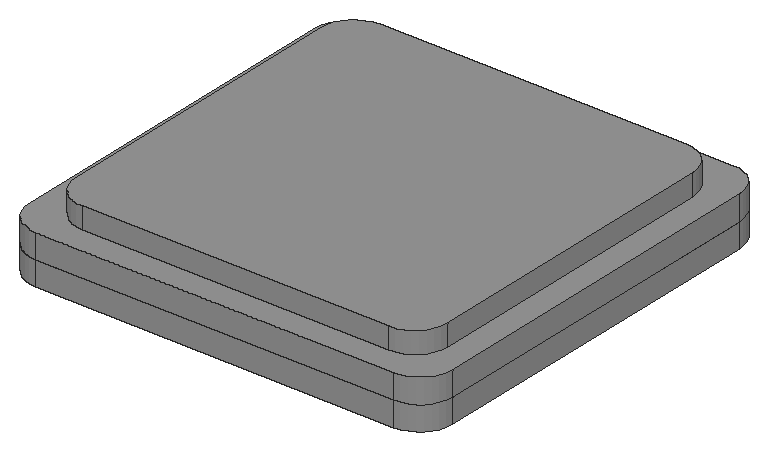
Revit family "FMS2_63_UN_Surface-mounted_ETK", category Lighting Fixtures, Revit 2019 (continued)
Definition of nested family "FMS.2 - Lightsource"
  Types (14, lengths in mm): name | Wattage Comments | Wattage | built-in parameter 1150134 | Photometric Web File | built-in parameter 1150142 | built-in parameter 1150105 | Lumens | built-in parameter 1150107 | built-in parameter 1150106 | Apparent Load
      \r\n786.4776\t781.0398\t775.602\t770.1642\t764.7264\t759.2886\t753.8508\t748.6992\t743.2614\t737.8236\r\n732.3858\t726.0894\t719.793\t713.2104\t706.914\t700.3314\t693.7488\t687.4524\t680.8698\t674.5734\r\n667.9908\t661.6944\t655.1118\t648.5292\t642.2328\t635.6502\t629.0676\t622.7712\t616.1886\t609.8922\r\n603.3096\t596.1546\t588.9996\t581.5584\t574.4034\t566.9622\t559.8072\t552.366\t545.211\t537.7698\r\n530.6148\t523.1736\t516.0186\t508.8636\t501.4224\t494.2674\t486.8262\t479.6712\t472.23\t465.075\r\n457.92\t450.1926\t442.4652\t434.7378\t427.0104\t419.283\t411.5556\t403.8282\t396.1008\t388.3734\r\n380.646\t372.9186\t365.1912\t357.4638\t349.7364\t341.7228\t333.9954\t326.268\t318.5406\t310.8132\r\n303.0858\t295.6446\t288.2034\t280.7622\t273.321\t265.8798\t258.41\t250.9688\t243.5276\t236.0864\r\n228.6452\t221.1754\t213.7342\t206.293\t198.8518\t191.4106\t183.9694\t176.5282\t169.0583\t161.6171\r\n154.1759\t139.3508\t123.9532\t108.527\t93.1009\t77.6747\t62.2485\t46.8509\t31.4248\t16.0043\r\n0.5838\t0\t0\t0\t0\t0\t0\t0\t0\t0\r\n0\r\n985.1004\t984.2418\t983.3832\t982.5246\t981.9522\t981.0936\t980.235\t979.3764\t978.5178\t977.6592\r\n977.0868\t976.2282\t975.3696\t974.7972\t973.9386\t973.3662\t972.5076\t971.649\t971.0766\t970.218\r\n969.6456\t967.6422\t965.3526\t962.7768\t960.4872\t957.9114\t955.6218\t953.046\t950.7564\t948.1806\r\n945.891\t943.3152\t940.7394\t938.4498\t935.874\t933.5844\t931.0086\t928.4328\t926.1432\t923.5674\r\n920.9916\t917.8434\t913.8366\t909.8298\t905.5368\t901.53\t897.5232\t893.5164\t889.2234\t884.9304\r\n880.9236\t876.6306\t872.3376\t868.3308\t864.0378\t859.7448\t855.738\t851.445\t847.4382\t843.1452\r\n838.8522\t834.5592\t829.1214\t823.6836\t818.2458\t812.808\t807.3702\t801.9324\t796.4946\t791.343\r\n785.9052\t780.4674\t775.0296\t769.878\t764.4402\t759.0024\t753.5646\t748.1268\t742.689\t737.2512\r\n731.8134\t726.3756\t719.793\t713.2104\t706.6278\t700.0452\t693.4626\t686.88\t680.5836\t674.001\r\n667.4184\t660.8358\t654.2532\t647.6706\t641.3742\t634.7916\t628.209\t621.6264\t615.33\t608.7474\r\n602.1648\t595.5822\t588.4272\t580.986\t573.831\t566.676\t559.2348\t552.0798\t544.6386\t537.4836\r\n530.0424\t522.8874\t515.7324\t508.2912\t501.1362\t493.695\t486.54\t479.0988\t471.9438\t464.7888\r\n457.3476\t449.9064\t442.179\t434.4516\t426.7242\t418.9968\t411.2694\t403.542\t395.8146\t388.0872\r\n380.0736\t372.3462\t364.6188\t356.8914\t349.164\t341.4366\t333.7092\t325.9818\t318.2544\t310.2408\r\n302.5134\t295.0722\t287.631\t280.1326\t272.6914\t265.2502\t257.809\t250.3678\t242.9552\t235.514\r\n228.0728\t220.6602\t213.219\t205.7778\t198.3652\t190.924\t183.5114\t176.0702\t168.6577\t161.2165\r\n153.8039\t140.7818\t125.4128\t110.0153\t94.6177\t79.2488\t63.8512\t48.4823\t33.0847\t17.7101\r\n2.3257\t0\t0\t0\t0\t0\t0\t0\t0\t0\r\n0\r\n985.1004\t984.2418\t983.3832\t982.5246\t981.666\t980.8074\t979.9488\t979.0902\t978.2316\t977.6592\r\n976.8006\t976.2282\t975.3696\t974.7972\t973.9386\t973.3662\t972.5076\t971.649\t971.0766\t970.218\r\n969.3594\t968.2146\t965.6388\t963.3492\t960.7734\t958.1976\t955.6218\t953.3322\t950.7564\t948.1806\r\n945.6048\t943.3152\t940.7394\t938.1636\t935.5878\t933.012\t930.15\t927.5742\t924.9984\t922.4226\r\n919.8468\t917.271\t913.8366\t909.5436\t905.5368\t901.2438\t896.9508\t892.944\t888.651\t884.6442\r\n880.3512\t876.0582\t872.0514\t867.7584\t863.7516\t859.4586\t855.4518\t851.1588\t846.8658\t842.5728\r\n838.566\t834.273\t829.6938\t824.256\t818.532\t813.0942\t807.6564\t802.2186\t796.7808\t791.0568\r\n785.619\t780.1812\t774.7434\t769.3056\t763.8678\t758.1438\t752.706\t747.2682\t741.5442\t736.1064\r\n730.6686\t725.2308\t719.793\t713.2104\t706.6278\t700.0452\t693.4626\t686.88\t680.2974\t673.7148\r\n667.1322\t660.5496\t653.967\t647.3844\t640.8018\t634.2192\t627.6366\t621.3402\t614.7576\t608.175\r\n601.5924\t595.0098\t588.4272\t580.986\t573.5448\t566.3898\t558.9486\t551.5074\t544.3524\t536.9112\r\n529.47\t522.0288\t514.8738\t507.4326\t499.9914\t492.8364\t485.3952\t477.954\t470.799\t463.3578\r\n456.2028\t448.7616\t441.3204\t433.593\t425.8656\t417.852\t410.1246\t402.3972\t394.6698\t386.9424\r\n379.215\t371.4876\t363.7602\t356.0328\t348.3054\t340.578\t332.8506\t325.1232\t317.3958\t309.6684\r\n301.941\t294.2136\t286.7724\t279.3884\t271.9759\t264.5633\t257.1507\t249.7381\t242.3255\t234.913\r\n227.5004\t220.0878\t212.7038\t205.2913\t197.9073\t190.4947\t183.1108\t175.6982\t168.3142\t160.9303\r\n153.5177\t143.5007\t128.1317\t112.7628\t97.3939\t82.0249\t66.656\t51.287\t35.9467\t20.5721\r\n5.2088\t0\t0\t0\t0\t0\t0\t0\t0\t0\r\n0\r\n985.1004\t984.2418\t983.3832\t982.5246\t981.666\t980.8074\t979.9488\t979.0902\t978.5178\t977.6592\r\n977.0868\t976.2282\t975.3696\t974.7972\t973.9386\t973.08\t972.2214\t971.3628\t970.7904\t969.9318\r\n968.787\t967.9284\t965.925\t963.3492\t960.7734\t958.1976\t955.6218\t952.7598\t950.184\t947.6082\r\n945.0324\t942.4566\t939.8808\t937.305\t934.7292\t932.1534\t929.5776\t927.0018\t924.426\t921.564\r\n918.9882\t916.4124\t913.5504\t909.8298\t905.5368\t901.53\t897.237\t892.944\t888.651\t884.6442\r\n880.3512\t876.0582\t872.0514\t867.7584\t863.7516\t859.1724\t854.8794\t850.5864\t846.0072\t841.7142\r\n837.4212\t832.842\t828.549\t824.256\t818.8182\t813.3804\t807.9426\t802.2186\t796.7808\t791.0568\r\n785.619\t779.895\t774.4572\t768.7332\t763.2954\t757.5714\t751.8474\t746.4096\t740.6856\t734.9616\r\n729.2376\t723.5136\t718.0758\t712.3518\t706.3416\t699.759\t693.1764\t686.5938\t680.0112\t673.4286\r\n666.846\t660.2634\t653.3946\t646.812\t640.2294\t633.6468\t627.0642\t620.4816\t613.6128\t607.0302\r\n600.4476\t593.865\t586.9962\t580.4136\t573.2586\t565.8174\t558.3762\t551.2212\t543.78\t536.3388\r\n528.8976\t521.7426\t514.3014\t506.8602\t499.419\t492.264\t484.8228\t477.3816\t470.2266\t462.7854\r\n455.3442\t448.1892\t440.748\t433.3068\t425.5794\t417.852\t410.1246\t402.111\t394.3836\t386.6562\r\n378.9288\t370.9152\t363.1878\t355.4604\t347.733\t339.7194\t331.992\t324.2646\t316.5372\t308.8098\r\n301.0824\t293.355\t285.7135\t278.2436\t270.8883\t263.5043\t256.1204\t248.7364\t241.3525\t233.9971\r\n226.6132\t219.2578\t211.9025\t204.5471\t197.1918\t189.8651\t182.5097\t175.183\t167.8563\t160.5296\r\n153.2029\t145.8761\t131.9954\t116.6551\t101.2862\t85.9459\t70.6055\t55.2366\t39.8963\t24.556\r\n9.2128\t0\t0\t0\t0\t0\t0\t0\t0\t0\r\n0\r\n985.1004\t984.2418\t983.3832\t982.5246\t981.3798\t980.5212\t979.9488\t979.0902\t978.5178\t977.6592\r\n977.0868\t976.2282\t975.3696\t974.511\t973.6524\t972.7938\t971.9352\t971.0766\t970.218\t969.0732\r\n967.9284\t967.0698\t965.925\t963.3492\t960.4872\t957.9114\t955.3356\t952.7598\t950.184\t947.6082\r\n945.0324\t942.1704\t939.5946\t937.0188\t934.443\t931.581\t929.0052\t926.1432\t923.5674\t920.7054\r\n918.1296\t915.5538\t912.6918\t910.116\t906.9678\t902.3886\t897.8094\t893.2302\t888.9372\t884.358\r\n880.065\t875.4858\t871.1928\t866.8998\t862.6068\t858.0276\t853.7346\t849.4416\t845.1486\t840.8556\r\n836.2764\t831.9834\t827.4042\t823.1112\t818.532\t813.9528\t808.2288\t802.5048\t796.4946\t790.7706\r\n785.0466\t779.3226\t773.8848\t768.1608\t762.4368\t756.7128\t750.9888\t745.2648\t739.5408\t733.8168\r\n728.0928\t722.3688\t716.6448\t710.9208\t705.1968\t699.4728\t693.4626\t686.5938\t680.0112\t673.1424\r\n666.2736\t659.691\t652.8222\t646.2396\t639.3708\t632.502\t625.9194\t619.0506\t612.468\t605.5992\r\n599.0166\t592.1478\t585.279\t578.6964\t571.8276\t564.9588\t558.09\t550.6488\t542.9214\t535.4802\r\n528.039\t520.5978\t513.1566\t505.7154\t498.2742\t490.833\t483.3918\t475.9506\t468.5094\t461.0682\r\n453.627\t446.472\t439.0308\t431.5896\t424.1484\t416.7072\t408.9798\t401.2524\t393.2388\t385.5114\r\n377.784\t370.0566\t362.3292\t354.3156\t346.5882\t338.8608\t331.1334\t323.1198\t315.3924\t307.665\r\n299.9376\t292.2102\t284.4256\t276.6982\t269.1711\t261.8158\t254.489\t247.1623\t239.8356\t232.5375\r\n225.2108\t217.9127\t210.6432\t203.3451\t196.0756\t188.8061\t181.5367\t174.2672\t166.9977\t159.7568\r\n152.516\t145.2751\t136.7464\t121.4347\t106.123\t90.8113\t75.4996\t60.1879\t44.8762\t29.5931\r\n14.2785\t0\t0\t0\t0\t0\t0\t0\t0\t0\r\n0\r\n985.1004\t984.2418\t983.3832\t982.2384\t981.3798\t980.8074\t979.9488\t979.3764\t978.5178\t977.6592\r\n976.8006\t975.942\t975.0834\t974.2248\t973.3662\t972.5076\t971.649\t970.5042\t969.3594\t968.2146\r\n967.0698\t965.925\t964.494\t963.3492\t960.7734\t958.1976\t955.6218\t953.046\t950.4702\t947.8944\r\n945.3186\t942.4566\t939.8808\t937.0188\t934.443\t931.581\t928.719\t925.857\t922.7088\t919.8468\r\n916.6986\t913.5504\t910.4022\t907.5402\t904.392\t901.53\t897.8094\t893.5164\t889.2234\t884.9304\r\n880.3512\t875.772\t871.479\t866.8998\t862.3206\t858.0276\t853.4484\t848.8692\t844.29\t839.7108\r\n835.1316\t830.2662\t825.687\t821.1078\t816.5286\t811.9494\t807.3702\t802.791\t797.067\t791.0568\r\n785.0466\t779.0364\t773.3124\t767.5884\t762.1506\t756.4266\t750.7026\t744.6924\t738.9684\t732.9582\r\n726.948\t721.224\t715.2138\t709.2036\t703.4796\t697.4694\t691.4592\t685.7352\t679.725\t673.1424\r\n666.2736\t659.4048\t652.536\t645.6672\t638.7984\t631.9296\t625.0608\t618.192\t611.3232\t604.4544\r\n597.5856\t590.7168\t583.848\t576.9792\t570.1104\t563.5278\t556.659\t549.7902\t543.2076\t535.4802\r\n528.039\t520.3116\t512.5842\t505.143\t497.7018\t489.9744\t482.5332\t475.092\t467.3646\t459.9234\r\n452.4822\t444.7548\t437.3136\t429.8724\t422.4312\t414.99\t407.5488\t399.8214\t392.094\t384.3666\r\n376.6392\t368.6256\t360.8982\t353.1708\t345.1572\t337.4298\t329.7024\t321.975\t314.2476\t306.5202\r\n298.7928\t291.0654\t283.1949\t275.4675\t267.7401\t260.0413\t252.7432\t245.4737\t238.2043\t230.9634\r\n223.6939\t216.4817\t209.2408\t202.0286\t194.8163\t187.6327\t180.4491\t173.2655\t166.0819\t158.9269\r\n151.7432\t144.5882\t137.4332\t127.3304\t112.0473\t96.7642\t81.4811\t66.1981\t50.915\t35.6605\r\n20.3803\t5.1058\t0\t0\t0\t0\t0\t0\t0\t0\r\n0\r\n985.1004\t984.2418\t983.097\t982.2384\t981.3798\t980.8074\t980.235\t979.3764\t978.5178\t977.6592\r\n976.8006\t975.942\t975.0834\t974.2248\t973.3662\t972.2214\t971.0766\t969.9318\t968.5008\t967.356\r\n966.2112\t964.7802\t963.6354\t962.4906\t961.3458\t959.3424\t956.4804\t953.9046\t951.3288\t948.4668\r\n945.6048\t943.029\t939.8808\t937.0188\t933.8706\t930.7224\t927.5742\t924.426\t921.564\t918.4158\r\n915.2676\t912.4056\t909.2574\t906.1092\t902.961\t899.8128\t896.6646\t893.8026\t890.6544\t886.0752\r\n881.496\t876.9168\t872.3376\t867.7584\t863.1792\t858.3138\t853.7346\t848.8692\t844.0038\t839.1384\r\n833.9868\t829.1214\t824.256\t819.6768\t815.0976\t810.5184\t805.653\t800.7876\t795.636\t790.7706\r\n785.619\t779.895\t773.8848\t767.8746\t761.8644\t755.8542\t749.844\t743.8338\t737.8236\t731.8134\r\n725.8032\t719.793\t713.7828\t707.4864\t701.4762\t695.1798\t689.1696\t683.1594\t677.4354\t671.4252\r\n665.415\t659.4048\t652.8222\t645.6672\t638.5122\t631.6434\t624.4884\t617.6196\t610.7508\t603.5958\r\n596.727\t589.8582\t582.7032\t575.8344\t568.9656\t561.8106\t554.9418\t547.7868\t540.918\t533.763\r\n526.8942\t519.7392\t512.0118\t504.5706\t496.8432\t489.1158\t481.6746\t473.9472\t466.2198\t458.7786\r\n451.0512\t443.61\t436.1688\t428.4414\t421.0002\t413.2728\t405.8316\t398.3904\t390.663\t383.2218\r\n375.4944\t367.767\t359.7534\t352.026\t344.0124\t336.285\t328.5576\t320.544\t312.8166\t305.0892\r\n297.3618\t289.6344\t281.9356\t274.2368\t266.5381\t258.8393\t251.1691\t243.6134\t236.4012\t229.2176\r\n222.034\t214.879\t207.724\t200.5976\t193.4712\t186.3448\t179.2471\t172.1493\t165.0515\t157.9824\r\n150.9133\t143.8441\t136.8036\t129.7631\t119.1164\t103.862\t88.5789\t73.2958\t58.0414\t42.7583\r\n27.501\t12.2379\t0\t0\t0\t0\t0\t0\t0\t0\r\n0\r\n985.1004\t984.2418\t983.097\t982.2384\t981.666\t981.0936\t980.235\t979.3764\t978.5178\t977.6592\r\n976.8006\t975.942\t975.0834\t974.2248\t972.7938\t971.649\t970.5042\t969.0732\t967.9284\t966.7836\r\n965.6388\t964.494\t963.063\t961.9182\t960.4872\t959.3424\t957.6252\t954.7632\t951.9012\t949.0392\r\n945.6048\t942.4566\t939.5946\t936.4464\t933.2982\t930.4362\t927.288\t924.1398\t920.9916\t917.8434\r\n914.6952\t911.547\t908.3988\t905.2506\t902.1024\t898.9542\t895.806\t892.6578\t889.2234\t885.789\r\n882.0684\t878.3478\t873.1962\t868.3308\t863.1792\t858.6\t853.7346\t848.8692\t844.0038\t839.1384\r\n834.273\t829.1214\t823.9698\t818.8182\t813.9528\t808.8012\t803.6496\t798.498\t793.3464\t788.481\r\n783.3294\t778.464\t773.0262\t767.5884\t762.1506\t755.8542\t749.5578\t743.5476\t737.2512\t731.241\r\n725.2308\t718.9344\t712.9242\t706.6278\t700.3314\t694.035\t688.0248\t681.7284\t675.7182\t669.4218\r\n663.4116\t657.1152\t650.8188\t644.5224\t638.226\t632.2158\t625.0608\t617.9058\t610.7508\t603.5958\r\n596.4408\t588.9996\t581.8446\t574.6896\t567.5346\t560.3796\t553.2246\t546.0696\t538.9146\t531.7596\r\n524.6046\t517.7358\t510.2946\t503.1396\t495.9846\t488.2572\t480.5298\t472.8024\t465.3612\t457.6338\r\n449.9064\t442.4652\t434.7378\t427.0104\t419.5692\t411.8418\t404.4006\t396.6732\t388.9458\t381.5046\r\n373.7772\t366.0498\t358.6086\t350.8812\t342.8676\t335.1402\t327.1266\t319.3992\t311.6718\t303.9444\r\n296.217\t288.4896\t280.6477\t272.9489\t265.2502\t257.5514\t249.9098\t242.2397\t234.6268\t227.0997\r\n219.9733\t212.8756\t205.8064\t198.7659\t191.7254\t184.7135\t177.7016\t170.7183\t163.735\t156.7804\r\n149.8257\t142.871\t135.945\t129.019\t122.1215\t111.9901\t96.707\t81.4239\t66.1408\t50.8577\r\n35.6033\t20.3288\t5.0629\t0\t0\t0\t0\t0\t0\t0\r\n0\r\n985.1004\t984.2418\t983.3832\t982.2384\t981.666\t981.0936\t980.235\t979.3764\t978.5178\t977.6592\r\n977.0868\t976.2282\t975.0834\t973.9386\t972.5076\t971.3628\t969.9318\t968.787\t967.6422\t966.4974\r\n965.3526\t963.9216\t962.4906\t961.0596\t959.3424\t957.9114\t956.1942\t954.1908\t952.1874\t949.0392\r\n946.1772\t943.029\t939.8808\t936.7326\t933.5844\t930.4362\t927.5742\t924.426\t921.2778\t917.8434\r\n914.6952\t911.547\t908.1126\t904.9644\t901.53\t897.8094\t894.375\t890.3682\t886.6476\t882.927\r\n879.4926\t875.772\t872.0514\t868.3308\t864.6102\t860.031\t854.8794\t849.7278\t844.5762\t839.4246\r\n834.273\t829.1214\t823.9698\t819.1044\t813.9528\t808.515\t802.791\t797.067\t791.9154\t786.4776\r\n781.326\t775.8882\t770.7366\t765.2988\t759.861\t754.4232\t749.2716\t743.5476\t738.1098\t732.0996\r\n725.8032\t719.5068\t712.9242\t706.6278\t700.3314\t693.7488\t687.4524\t681.156\t674.5734\t667.9908\r\n661.6944\t655.1118\t648.5292\t642.2328\t635.6502\t629.3538\t623.0574\t616.4748\t609.8922\t603.5958\r\n596.727\t589.2858\t581.8446\t574.4034\t567.2484\t559.8072\t552.6522\t545.211\t537.7698\t530.3286\r\n522.8874\t515.7324\t508.2912\t500.85\t493.695\t486.54\t479.385\t472.23\t465.075\t457.6338\r\n449.6202\t441.8928\t433.8792\t425.8656\t418.1382\t410.1246\t402.3972\t394.6698\t387.2286\t379.5012\r\n371.7738\t364.0464\t356.319\t348.5916\t340.8642\t333.423\t325.6956\t317.682\t309.9546\t302.2272\r\n294.4998\t286.7724\t278.9878\t271.2604\t263.5616\t255.8914\t248.2499\t240.6083\t233.024\t225.4397\r\n217.8841\t210.357\t203.2879\t196.3332\t189.4072\t182.4811\t175.5837\t168.7149\t161.8747\t155.0632\r\n148.2516\t141.4687\t134.6857\t127.9314\t121.1771\t114.4514\t105.894\t90.5823\t75.2706\t59.9589\r\n44.6758\t29.3641\t14.0696\t0\t0\t0\t0\t0\t0\t0\r\n0\r\n985.1004\t984.2418\t983.3832\t982.5246\t981.9522\t981.3798\t980.5212\t979.6626\t978.804\t977.9454\r\n977.0868\t976.2282\t975.0834\t973.6524\t972.5076\t971.0766\t969.9318\t968.787\t967.6422\t966.2112\r\n964.7802\t963.3492\t961.632\t959.9148\t958.1976\t956.4804\t954.477\t952.4736\t950.4702\t948.4668\r\n946.4634\t943.8876\t940.7394\t937.8774\t935.0154\t931.581\t928.4328\t924.9984\t921.8502\t918.4158\r\n915.2676\t911.547\t908.1126\t904.392\t900.3852\t896.6646\t892.944\t889.2234\t885.5028\t881.496\r\n877.7754\t873.7686\t869.7618\t865.755\t861.7482\t857.4552\t853.4484\t849.7278\t845.721\t841.7142\r\n835.9902\t830.2662\t824.8284\t819.3906\t814.239\t808.8012\t803.0772\t797.6394\t792.2016\t786.7638\r\n781.326\t775.3158\t769.5918\t763.8678\t758.43\t752.706\t747.2682\t741.5442\t736.1064\t730.3824\r\n724.6584\t718.6482\t712.9242\t707.2002\t701.4762\t694.6074\t688.0248\t681.4422\t674.5734\t667.9908\r\n661.122\t654.2532\t647.3844\t640.5156\t633.6468\t627.3504\t620.7678\t614.1852\t607.3164\t600.4476\r\n593.5788\t586.9962\t580.4136\t573.5448\t566.9622\t560.3796\t552.6522\t544.9248\t537.4836\t530.0424\r\n522.315\t514.8738\t507.1464\t499.7052\t492.264\t484.8228\t477.3816\t469.9404\t462.213\t454.7718\r\n447.3306\t440.1756\t432.7344\t425.2932\t417.5658\t409.5522\t401.5386\t393.525\t385.5114\t377.784\r\n370.0566\t362.043\t354.3156\t346.5882\t338.8608\t331.4196\t323.6922\t315.9648\t308.5236\t300.7962\r\n293.0688\t285.3414\t277.5854\t269.8294\t262.102\t254.4318\t246.7616\t239.1487\t231.5644\t224.0087\r\n216.5103\t209.0405\t201.5993\t194.1581\t186.9458\t180.1343\t173.3513\t166.6256\t159.8999\t153.2029\r\n146.5344\t139.8659\t133.1975\t126.5576\t119.9178\t113.3352\t106.724\t100.1414\t85.3448\t69.9759\r\n54.6356\t39.2953\t23.9464\t8.6203\t0\t0\t0\t0\t0\t0\r\n0\r\n985.1004\t984.2418\t983.3832\t982.5246\t981.9522\t981.3798\t980.5212\t979.6626\t978.804\t978.2316\r\n977.373\t976.2282\t975.0834\t973.6524\t972.2214\t971.0766\t969.9318\t969.0732\t967.356\t965.925\r\n964.494\t962.4906\t960.7734\t959.0562\t957.339\t955.3356\t953.3322\t951.3288\t949.0392\t946.7496\r\n944.7462\t942.7428\t940.7394\t938.4498\t936.1602\t933.012\t929.5776\t926.4294\t922.995\t919.2744\r\n915.5538\t911.8332\t908.1126\t904.392\t900.6714\t896.6646\t892.6578\t888.651\t884.6442\t880.6374\r\n876.3444\t872.3376\t868.3308\t864.324\t860.3172\t855.738\t851.1588\t846.5796\t842.5728\t838.2798\r\n833.7006\t829.1214\t824.5422\t819.963\t815.67\t810.8046\t804.7944\t798.7842\t793.0602\t787.6224\r\n781.8984\t776.1744\t770.4504\t764.4402\t758.43\t752.4198\t746.4096\t740.3994\t734.6754\t728.6652\r\n722.655\t716.931\t710.6346\t704.6244\t698.328\t692.0316\t685.7352\t679.725\t674.001\t667.9908\r\n661.6944\t654.8256\t647.6706\t641.088\t634.2192\t627.3504\t620.1954\t613.0404\t606.1716\t599.0166\r\n592.1478\t584.9928\t577.8378\t570.969\t564.1002\t557.2314\t550.3626\t543.4938\t536.3388\t529.47\r\n522.315\t515.16\t507.7188\t499.7052\t491.9778\t484.2504\t476.523\t468.7956\t461.0682\t453.3408\r\n445.6134\t437.886\t430.4448\t422.7174\t414.99\t407.5488\t399.8214\t392.3802\t384.939\t377.2116\r\n369.198\t361.184
